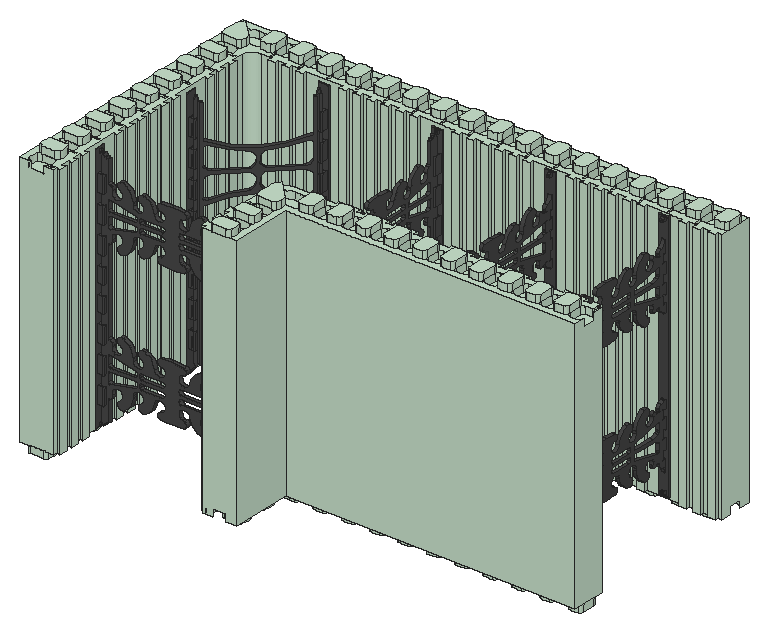
Revit family "ICF- NUDURA 10-inch- 90 Degree Form Unit- Imperial", category Generic Models, Revit 2010 (continued)
Definition of nested family "10-inch Insert Web"
  Forms (in)
    Extrusion 2, solid, material "High Density Polystyrene"
      sketch origin (0, 0, 0) x (0, 1, 0) y (0, 0, 1)
        loop
          line (-4.6, 0.50703) -> (-4.6, 0.53811) -> (-4.5, 0.53811) -> (-4.5, 1.99805)
          arc (-4.5, 1.99805) -> (-4.46384, 2.08535) -> (-4.37654, 2.12151) r 0.12346
          arc (-4.37654, 2.12151) -> (-4.22754, 2.23265) -> (-4.21225, 2.41791) r 0.22602
          arc (-4.21225, 2.41791) -> (-3.72909, 2.89529) -> (-3.67178, 2.21849) r 0.375
          arc (-3.67178, 2.21849) -> (-3.82054, 1.85615) -> (-3.45819, 1.70739) r 0.27697
          arc (-3.45819, 1.70739) -> (-2.94561, 2.10506) -> (-2.74922, 2.72338) r 1.09159
          line (-2.74922, 2.72338) -> (-2.74973, 2.88837)
          arc (-2.74973, 2.88837) -> (-2.17617, 3.17809) -> (-2.18865, 2.53563) r 0.375
          arc (-2.18865, 2.53563) -> (-2.3374, 2.17328) -> (-1.97506, 2.02453) r 0.27697
          arc (-1.97506, 2.02453) -> (-1.47568, 2.34989) -> (-1.23882, 2.89683) r 1.0341
          arc (-1.23882, 2.89683) -> (-0.66526, 3.18654) -> (-0.67773, 2.54409) r 0.375
          arc (-0.67773, 2.54409) -> (-0.76612, 2.51631) -> (-0.85703, 2.49851) r 0.83414
          arc (-0.85703, 2.49851) -> (-1.02215, 2.26789) -> (-0.82272, 2.06619) r 0.22
          arc (-0.82272, 2.06619) -> (-0.41308, 2.01232) -> (0, 2.0035) r 3.77741
          arc (0, 2.0035) -> (0.41308, 2.01232) -> (0.82272, 2.06619) r 3.77741
          arc (0.82272, 2.06619) -> (1.02215, 2.26789) -> (0.85703, 2.49851) r 0.22
          arc (0.85703, 2.49851) -> (0.76612, 2.51631) -> (0.67773, 2.54409) r 0.83414
          arc (0.67773, 2.54409) -> (0.66526, 3.18654) -> (1.23882, 2.89683) r 0.375
          arc (1.23882, 2.89683) -> (1.47568, 2.34989) -> (1.97506, 2.02453) r 1.0341
          arc (1.97506, 2.02453) -> (2.3374, 2.17328) -> (2.18865, 2.53563) r 0.27697
          arc (2.18865, 2.53563) -> (2.17617, 3.17809) -> (2.74973, 2.88837) r 0.375
          line (2.74973, 2.88837) -> (2.74922, 2.72338)
          arc (2.74922, 2.72338) -> (2.94561, 2.10506) -> (3.45819, 1.70739) r 1.09159
          arc (3.45819, 1.70739) -> (3.82054, 1.85615) -> (3.67178, 2.21849) r 0.27697
          arc (3.67178, 2.21849) -> (3.72909, 2.89529) -> (4.21225, 2.41791) r 0.375
          arc (4.21225, 2.41791) -> (4.22754, 2.23265) -> (4.37654, 2.12151) r 0.22602
          arc (4.37654, 2.12151) -> (4.46384, 2.08535) -> (4.5, 1.99805) r 0.12346
          line (4.5, 1.99805) -> (4.5, 0.53811) -> (4.6, 0.53811) -> (4.6, 0.50703)
          arc (4.6, 0.50703) -> (4.61433, 0.47244) -> (4.64893, 0.45811) r 0.04893
          line (4.64893, 0.45811) -> (4.77609, 0.45811) -> (4.825, 0.30811)
          arc (4.825, 0.30811) -> (4.875, 0.27811) -> (4.925, 0.30811) r 0.05667
          line (4.925, 0.30811) -> (5, 0.53811) -> (5, 17.20772) -> (4.925, 17.43772)
          arc (4.925, 17.43772) -> (4.875, 17.46772) -> (4.825, 17.43772) r 0.05667
          line (4.825, 17.43772) -> (4.77609, 17.28772) -> (4.64893, 17.28772)
          arc (4.64893, 17.28772) -> (4.61433, 17.27339) -> (4.6, 17.2388) r 0.04893
          line (4.6, 17.2388) -> (4.6, 17.20772) -> (4.5, 17.20772) -> (4.5, 15.74778)
          arc (4.5, 15.74778) -> (4.46384, 15.66048) -> (4.37654, 15.62433) r 0.12346
          arc (4.37654, 15.62433) -> (4.22754, 15.51319) -> (4.21225, 15.32793) r 0.22602
          arc (4.21225, 15.32793) -> (3.72909, 14.85054) -> (3.67178, 15.52734) r 0.375
          arc (3.67178, 15.52734) -> (3.82054, 15.88969) -> (3.45819, 16.03844) r 0.27697
          arc (3.45819, 16.03844) -> (2.94561, 15.64077) -> (2.74922, 15.02245) r 1.09159
          line (2.74922, 15.02245) -> (2.74973, 14.85746)
          arc (2.74973, 14.85746) -> (2.17617, 14.56774) -> (2.18865, 15.2102) r 0.375
          arc (2.18865, 15.2102) -> (2.3374, 15.57255) -> (1.97506, 15.7213) r 0.27697
          arc (1.97506, 15.7213) -> (1.47568, 15.39594) -> (1.23882, 14.84901) r 1.0341
          arc (1.23882, 14.84901) -> (0.66526, 14.55929) -> (0.67773, 15.20175) r 0.375
          arc (0.67773, 15.20175) -> (0.76612, 15.22952) -> (0.85703, 15.24732) r 0.83414
          arc (0.85703, 15.24732) -> (1.02215, 15.47795) -> (0.82272, 15.67964) r 0.22
          arc (0.82272, 15.67964) -> (0.41308, 15.73351) -> (0, 15.74233) r 3.77741
          arc (0, 15.74233) -> (-0.41308, 15.73351) -> (-0.82272, 15.67964) r 3.77741
          arc (-0.82272, 15.67964) -> (-1.02215, 15.47795) -> (-0.85703, 15.24732) r 0.22
          arc (-0.85703, 15.24732) -> (-0.76612, 15.22952) -> (-0.67773, 15.20175) r 0.83414
          arc (-0.67773, 15.20175) -> (-0.66526, 14.55929) -> (-1.23882, 14.84901) r 0.375
          arc (-1.23882, 14.84901) -> (-1.47568, 15.39594) -> (-1.97506, 15.7213) r 1.0341
          arc (-1.97506, 15.7213) -> (-2.3374, 15.57255) -> (-2.18865, 15.2102) r 0.27697
          arc (-2.18865, 15.2102) -> (-2.17617, 14.56774) -> (-2.74973, 14.85746) r 0.375
          line (-2.74973, 14.85746) -> (-2.74922, 15.02245)
          arc (-2.74922, 15.02245) -> (-2.94561, 15.64077) -> (-3.45819, 16.03844) r 1.09159
          arc (-3.45819, 16.03844) -> (-3.82054, 15.88969) -> (-3.67178, 15.52734) r 0.27697
          arc (-3.67178, 15.52734) -> (-3.72909, 14.85054) -> (-4.21225, 15.32793) r 0.375
          arc (-4.21225, 15.32793) -> (-4.22754, 15.51319) -> (-4.37654, 15.62433) r 0.22602
          arc (-4.37654, 15.62433) -> (-4.46384, 15.66048) -> (-4.5, 15.74778) r 0.12346
          line (-4.5, 15.74778) -> (-4.5, 17.20772)
        loop
          line (-4.5, 11.8098) -> (-4.5, 5.93603)
          arc (-4.5, 5.93603) -> (-4.46384, 5.84874) -> (-4.37654, 5.81258) r 0.12346
          arc (-4.37654, 5.81258) -> (-4.22754, 5.70144) -> (-4.21225, 5.51618) r 0.22602
          arc (-4.21225, 5.51618) -> (-3.72909, 5.0388) -> (-3.67178, 5.71559) r 0.375
          arc (-3.67178, 5.71559) -> (-3.82054, 6.07794) -> (-3.45819, 6.2267) r 0.27697
          arc (-3.45819, 6.2267) -> (-2.94561, 5.82902) -> (-2.74922, 5.2107) r 1.09159
          line (-2.74922, 5.2107) -> (-2.74973, 5.04572)
          arc (-2.74973, 5.04572) -> (-2.17617, 4.756) -> (-2.18865, 5.39846) r 0.375
          arc (-2.18865, 5.39846) -> (-2.3374, 5.7608) -> (-1.97506, 5.90956) r 0.27697
          arc (-1.97506, 5.90956) -> (-1.47568, 5.58419) -> (-1.23882, 5.03726) r 1.0341
          arc (-1.23882, 5.03726) -> (-0.66526, 4.74754) -> (-0.67773, 5.39) r 0.375
          arc (-0.67773, 5.39) -> (-0.76612, 5.41777) -> (-0.85703, 5.43557) r 0.83414
          arc (-0.85703, 5.43557) -> (-1.02215, 5.6662) -> (-0.82272, 5.86789) r 0.22
          arc (-0.82272, 5.86789) -> (-0.41308, 5.92177) -> (0, 5.93058) r 3.77741
          arc (0, 5.93058) -> (0.41308, 5.92177) -> (0.82272, 5.86789) r 3.77741
          arc (0.82272, 5.86789) -> (1.02215, 5.6662) -> (0.85703, 5.43557) r 0.22
          arc (0.85703, 5.43557) -> (0.76612, 5.41777) -> (0.67773, 5.39) r 0.83414
          arc (0.67773, 5.39) -> (0.66526, 4.74754) -> (1.23882, 5.03726) r 0.375
          arc (1.23882, 5.03726) -> (1.47568, 5.58419) -> (1.97506, 5.90956) r 1.0341
          arc (1.97506, 5.90956) -> (2.3374, 5.7608) -> (2.18865, 5.39846) r 0.27697
          arc (2.18865, 5.39846) -> (2.17617, 4.756) -> (2.74973, 5.04572) r 0.375
          line (2.74973, 5.04572) -> (2.74922, 5.2107)
          arc (2.74922, 5.2107) -> (2.94561, 5.82902) -> (3.45819, 6.2267) r 1.09159
          arc (3.45819, 6.2267) -> (3.82054, 6.07794) -> (3.67178, 5.71559) r 0.27697
          arc (3.67178, 5.71559) -> (3.72909, 5.0388) -> (4.21225, 5.51618) r 0.375
          arc (4.21225, 5.51618) -> (4.22754, 5.70144) -> (4.37654, 5.81258) r 0.22602
          arc (4.37654, 5.81258) -> (4.46384, 5.84874) -> (4.5, 5.93603) r 0.12346
          line (4.5, 5.93603) -> (4.5, 11.8098)
          arc (4.5, 11.8098) -> (4.46384, 11.89709) -> (4.37654, 11.93325) r 0.12346
          arc (4.37654, 11.93325) -> (4.22754, 12.04439) -> (4.21225, 12.22965) r 0.22602
          arc (4.21225, 12.22965) -> (3.72909, 12.70704) -> (3.67178, 12.03024) r 0.375
          arc (3.67178, 12.03024) -> (3.82054, 11.66789) -> (3.45819, 11.51914) r 0.27697
          arc (3.45819, 11.51914) -> (2.94561, 11.91681) -> (2.74922, 12.53513) r 1.09159
          line (2.74922, 12.53513) -> (2.74973, 12.70012)
          arc (2.74973, 12.70012) -> (2.17617, 12.98983) -> (2.18865, 12.34738) r 0.375
          arc (2.18865, 12.34738) -> (2.3374, 11.98503) -> (1.97506, 11.83627) r 0.27697
          arc (1.97506, 11.83627) -> (1.47568, 12.16164) -> (1.23882, 12.70857) r 1.0341
          arc (1.23882, 12.70857) -> (0.66526, 12.99829) -> (0.67773, 12.35583) r 0.375
          arc (0.67773, 12.35583) -> (0.76612, 12.32806) -> (0.85703, 12.31026) r 0.83414
          arc (0.85703, 12.31026) -> (1.02215, 12.07963) -> (0.82272, 11.87794) r 0.22
          arc (0.82272, 11.87794) -> (0.41308, 11.82406) -> (0, 11.81525) r 3.77741
          arc (0, 11.81525) -> (-0.41308, 11.82406) -> (-0.82272, 11.87794) r 3.77741
          arc (-0.82272, 11.87794) -> (-1.02215, 12.07963) -> (-0.85703, 12.31026) r 0.22
          arc (-0.85703, 12.31026) -> (-0.76612, 12.32806) -> (-0.67773, 12.35583) r 0.83414
          arc (-0.67773, 12.35583) -> (-0.66526, 12.99829) -> (-1.23882, 12.70857) r 0.375
          arc (-1.23882, 12.70857) -> (-1.47568, 12.16164) -> (-1.97506, 11.83627) r 1.0341
          arc (-1.97506, 11.83627) -> (-2.3374, 11.98503) -> (-2.18865, 12.34738) r 0.27697
          arc (-2.18865, 12.34738) -> (-2.17617, 12.98983) -> (-2.74973, 12.70012) r 0.375
          line (-2.74973, 12.70012) -> (-2.74922, 12.53513)
          arc (-2.74922, 12.53513) -> (-2.94561, 11.91681) -> (-3.45819, 11.51914) r 1.09159
          arc (-3.45819, 11.51914) -> (-3.82054, 11.66789) -> (-3.67178, 12.03024) r 0.27697
          arc (-3.67178, 12.03024) -> (-3.72909, 12.70704) -> (-4.21225, 12.22965) r 0.375
          arc (-4.21225, 12.22965) -> (-4.22754, 12.04439) -> (-4.37654, 11.93325) r 0.22602
          arc (-4.37654, 11.93325) -> (-4.46384, 11.89709) -> (-4.5, 11.8098) r 0.12346
        loop
          arc (-4.33112, 14.73097) -> (-4.45054, 14.68151) -> (-4.5, 14.56209) r 0.16888
          line (-4.5, 14.56209) -> (-4.5, 14.04372)
          arc (-4.5, 14.04372) -> (-4.44996, 13.92293) -> (-4.32917, 13.87289) r 0.17083
          line (-4.32917, 13.87289) -> (-2.57764, 13.87289)
          arc (-2.57764, 13.87289) -> (-2.48926, 13.9095) -> (-2.45264, 13.99789) r 0.125
          line (-2.45264, 13.99789) -> (-2.45264, 14.21018)
          arc (-2.45264, 14.21018) -> (-2.48008, 14.28832) -> (-2.55033, 14.33216) r 0.125
          line (-2.55033, 14.33216) -> (-4.33112, 14.73097)
        loop
          line (-2.26514, 14.18276) -> (-2.26514, 13.99876)
          arc (-2.26514, 13.99876) -> (-2.22853, 13.91037) -> (-2.14014, 13.87376) r 0.125
          line (-2.14014, 13.87376) -> (-0.70065, 13.87376)
          arc (-0.70065, 13.87376) -> (-0.48365, 14.09076) -> (-0.70065, 14.30776) r 0.217
          line (-0.70065, 14.30776) -> (-2.14014, 14.30776)
          arc (-2.14014, 14.30776) -> (-2.22853, 14.27115) -> (-2.26514, 14.18276) r 0.125
        loop
          line (-4.33112, 12.82661) -> (-2.55033, 13.22542)
          arc (-2.55033, 13.22542) -> (-2.48008, 13.26926) -> (-2.45264, 13.3474) r 0.125
          line (-2.45264, 13.3474) -> (-2.45264, 13.55969)
          arc (-2.45264, 13.55969) -> (-2.48926, 13.64807) -> (-2.57764, 13.68469) r 0.125
          line (-2.57764, 13.68469) -> (-4.32917, 13.68469)
          arc (-4.32917, 13.68469) -> (-4.44996, 13.63465) -> (-4.5, 13.51386) r 0.17083
          line (-4.5, 13.51386) -> (-4.5, 12.99549)
          arc (-4.5, 12.99549) -> (-4.45054, 12.87607) -> (-4.33112, 12.82661) r 0.16888
        loop
          arc (-2.26514, 13.37482) -> (-2.22853, 13.28643) -> (-2.14014, 13.24982) r 0.125
          line (-2.14014, 13.24982) -> (-0.70065, 13.24982)
          arc (-0.70065, 13.24982) -> (-0.48365, 13.46682) -> (-0.70065, 13.68382) r 0.217
          line (-0.70065, 13.68382) -> (-2.14014, 13.68382)
          arc (-2.14014, 13.68382) -> (-2.22853, 13.64721) -> (-2.26514, 13.55882) r 0.125
          line (-2.26514, 13.55882) -> (-2.26514, 13.37482)
        loop
          arc (5.12543, 17.57204) -> (5.11414, 17.56103) -> (5.11, 17.54582) r 0.03
          line (5.11, 17.54582) -> (5.11, 17.42461)
          arc (5.11, 17.42461) -> (5.11625, 17.41008) -> (5.13111, 17.40464) r 0.02
          line (5.13111, 17.40464) -> (5.18889, 17.40785)
          arc (5.18889, 17.40785) -> (5.20374, 17.40241) -> (5.21, 17.38789) r 0.02
          line (5.21, 17.38789) -> (5.21, 17.63668)
          arc (5.21, 17.63668) -> (5.20585, 17.62147) -> (5.19457, 17.61045) r 0.03
          line (5.19457, 17.61045) -> (5.12543, 17.57204)
        loop
          line (4.33112, 14.73097) -> (2.55033, 14.33216)
          arc (2.55033, 14.33216) -> (2.48008, 14.28832) -> (2.45264, 14.21018) r 0.125
          line (2.45264, 14.21018) -> (2.45264, 13.99789)
          arc (2.45264, 13.99789) -> (2.48926, 13.9095) -> (2.57764, 13.87289) r 0.125
          line (2.57764, 13.87289) -> (4.32917, 13.87289)
          arc (4.32917, 13.87289) -> (4.44996, 13.92293) -> (4.5, 14.04372) r 0.17083
          line (4.5, 14.04372) -> (4.5, 14.56209)
          arc (4.5, 14.56209) -> (4.45054, 14.68151) -> (4.33112, 14.73097) r 0.16888
        loop
          arc (2.26514, 14.18276) -> (2.22853, 14.27115) -> (2.14014, 14.30776) r 0.125
          line (2.14014, 14.30776) -> (0.70065, 14.30776)
          arc (0.70065, 14.30776) -> (0.48365, 14.09076) -> (0.70065, 13.87376) r 0.217
          line (0.70065, 13.87376) -> (2.14014, 13.87376)
          arc (2.14014, 13.87376) -> (2.22853, 13.91037) -> (2.26514, 13.99876) r 0.125
          line (2.26514, 13.99876) -> (2.26514, 14.18276)
        loop
          arc (4.33112, 12.82661) -> (4.45054, 12.87607) -> (4.5, 12.99549) r 0.16888
          line (4.5, 12.99549) -> (4.5, 13.51386)
          arc (4.5, 13.51386) -> (4.44996, 13.63465) -> (4.32917, 13.68469) r 0.17083
          line (4.32917, 13.68469) -> (2.57764, 13.68469)
          arc (2.57764, 13.68469) -> (2.48926, 13.64807) -> (2.45264, 13.55969) r 0.125
          line (2.45264, 13.55969) -> (2.45264, 13.3474)
          arc (2.45264, 13.3474) -> (2.48008, 13.26926) -> (2.55033, 13.22542) r 0.125
          line (2.55033, 13.22542) -> (4.33112, 12.82661)
        loop
          line (2.26514, 13.37482) -> (2.26514, 13.55882)
          arc (2.26514, 13.55882) -> (2.22853, 13.64721) -> (2.14014, 13.68382) r 0.125
          line (2.14014, 13.68382) -> (0.70065, 13.68382)
          arc (0.70065, 13.68382) -> (0.48365, 13.46682) -> (0.70065, 13.24982) r 0.217
          line (0.70065, 13.24982) -> (2.14014, 13.24982)
          arc (2.14014, 13.24982) -> (2.22853, 13.28643) -> (2.26514, 13.37482) r 0.125
        loop
          arc (-5.12543, 0.17379) -> (-5.11414, 0.1848) -> (-5.11, 0.20001) r 0.03
          line (-5.11, 0.20001) -> (-5.11, 0.32122)
          arc (-5.11, 0.32122) -> (-5.11625, 0.33575) -> (-5.13111, 0.34119) r 0.02
          line (-5.13111, 0.34119) -> (-5.18889, 0.33798)
          arc (-5.18889, 0.33798) -> (-5.20374, 0.34342) -> (-5.21, 0.35795) r 0.02
          line (-5.21, 0.35795) -> (-5.21, 0.10915)
          arc (-5.21, 0.10915) -> (-5.20585, 0.12437) -> (-5.19457, 0.13538) r 0.03
          line (-5.19457, 0.13538) -> (-5.12543, 0.17379)
        loop
          line (-4.33112, 3.01486) -> (-2.55033, 3.41367)
          arc (-2.55033, 3.41367) -> (-2.48008, 3.45752) -> (-2.45264, 3.53565) r 0.125
          line (-2.45264, 3.53565) -> (-2.45264, 3.74794)
          arc (-2.45264, 3.74794) -> (-2.48926, 3.83633) -> (-2.57764, 3.87294) r 0.125
          line (-2.57764, 3.87294) -> (-4.32917, 3.87294)
          arc (-4.32917, 3.87294) -> (-4.44996, 3.8229) -> (-4.5, 3.70211) r 0.17083
          line (-4.5, 3.70211) -> (-4.5, 3.18374)
          arc (-4.5, 3.18374) -> (-4.45054, 3.06432) -> (-4.33112, 3.01486) r 0.16888
        loop
          arc (-2.26514, 3.56307) -> (-2.22853, 3.47469) -> (-2.14014, 3.43807) r 0.125
          line (-2.14014, 3.43807) -> (-0.70065, 3.43807)
          arc (-0.70065, 3.43807) -> (-0.48365, 3.65507) -> (-0.70065, 3.87207) r 0.217
          line (-0.70065, 3.87207) -> (-2.14014, 3.87207)
          arc (-2.14014, 3.87207) -> (-2.22853, 3.83546) -> (-2.26514, 3.74707) r 0.125
          line (-2.26514, 3.74707) -> (-2.26514, 3.56307)
        loop
          arc (-4.33112, 4.91923) -> (-4.45054, 4.86976) -> (-4.5, 4.75034) r 0.16888
          line (-4.5, 4.75034) -> (-4.5, 4.23198)
          arc (-4.5, 4.23198) -> (-4.44996, 4.11118) -> (-4.32917, 4.06115) r 0.17083
          line (-4.32917, 4.06115) -> (-2.57764, 4.06115)
          arc (-2.57764, 4.06115) -> (-2.48926, 4.09776) -> (-2.45264, 4.18615) r 0.125
          line (-2.45264, 4.18615) -> (-2.45264, 4.39843)
          arc (-2.45264, 4.39843) -> (-2.48008, 4.47657) -> (-2.55033, 4.52041) r 0.125
          line (-2.55033, 4.52041) -> (-4.33112, 4.91923)
        loop
          line (-2.26514, 4.37101) -> (-2.26514, 4.18701)
          arc (-2.26514, 4.18701) -> (-2.22853, 4.09863) -> (-2.14014, 4.06201) r 0.125
          line (-2.14014, 4.06201) -> (-0.70065, 4.06201)
          arc (-0.70065, 4.06201) -> (-0.48365, 4.27901) -> (-0.70065, 4.49601) r 0.217
          line (-0.70065, 4.49601) -> (-2.14014, 4.49601)
          arc (-2.14014, 4.49601) -> (-2.22853, 4.4594) -> (-2.26514, 4.37101) r 0.125
        loop
          line (5.12543, 0.17379) -> (5.19457, 0.13538)
          arc (5.19457, 0.13538) -> (5.20585, 0.12437) -> (5.21, 0.10915) r 0.03
          line (5.21, 0.10915) -> (5.21, 0.35795)
          arc (5.21, 0.35795) -> (5.20374, 0.34342) -> (5.18889, 0.33798) r 0.02
          line (5.18889, 0.33798) -> (5.13111, 0.34119)
          arc (5.13111, 0.34119) -> (5.11625, 0.33575) -> (5.11, 0.32122) r 0.02
          line (5.11, 0.32122) -> (5.11, 0.20001)
          arc (5.11, 0.20001) -> (5.11414, 0.1848) -> (5.12543, 0.17379) r 0.03
        loop
          arc (4.33112, 3.01486) -> (4.45054, 3.06432) -> (4.5, 3.18374) r 0.16888
          line (4.5, 3.18374) -> (4.5, 3.70211)
          arc (4.5, 3.70211) -> (4.44996, 3.8229) -> (4.32917, 3.87294) r 0.17083
          line (4.32917, 3.87294) -> (2.57764, 3.87294)
          arc (2.57764, 3.87294) -> (2.48926, 3.83633) -> (2.45264, 3.74794) r 0.125
          line (2.45264, 3.74794) -> (2.45264, 3.53565)
          arc (2.45264, 3.53565) -> (2.48008, 3.45752) -> (2.55033, 3.41367) r 0.125
          line (2.55033, 3.41367) -> (4.33112, 3.01486)
        loop
          line (2.26514, 3.56307) -> (2.26514, 3.74707)
          arc (2.26514, 3.74707) -> (2.22853, 3.83546) -> (2.14014, 3.87207) r 0.125
          line (2.14014, 3.87207) -> (0.70065, 3.87207)
          arc (0.70065, 3.87207) -> (0.48365, 3.65507) -> (0.70065, 3.43807) r 0.217
          line (0.70065, 3.43807) -> (2.14014, 3.43807)
          arc (2.14014, 3.43807) -> (2.22853, 3.47469) -> (2.26514, 3.56307) r 0.125
        loop
          line (4.33112, 4.91923) -> (2.55033, 4.52041)
          arc (2.55033, 4.52041) -> (2.48008, 4.47657) -> (2.45264, 4.39843) r 0.125
          line (2.45264, 4.39843) -> (2.45264, 4.18615)
          arc (2.45264, 4.18615) -> (2.48926, 4.09776) -> (2.57764, 4.06115) r 0.125
          line (2.57764, 4.06115) -> (4.32917, 4.06115)
          arc (4.32917, 4.06115) -> (4.44996, 4.11118) -> (4.5, 4.23198) r 0.17083
          line (4.5, 4.23198) -> (4.5, 4.75034)
          arc (4.5, 4.75034) -> (4.45054, 4.86976) -> (4.33112, 4.91923) r 0.16888
        loop
          arc (2.26514, 4.37101) -> (2.22853, 4.4594) -> (2.14014, 4.49601) r 0.125
          line (2.14014, 4.49601) -> (0.70065, 4.49601)
          arc (0.70065, 4.49601) -> (0.48365, 4.27901) -> (0.70065, 4.06201) r 0.217
          line (0.70065, 4.06201) -> (2.14014, 4.06201)
          arc (2.14014, 4.06201) -> (2.22853, 4.09863) -> (2.26514, 4.18701) r 0.125
          line (2.26514, 4.18701) -> (2.26514, 4.37101)
      from 0.125 to -0.125
    Extrusion 3, solid, material "High Density Polystyrene"
      sketch origin (0, 0, 0) x (0, 1, 0) y (0, 0, 1)
        loop
          line (5.21, 16.17792) -> (4.71, 16.17792) -> (4.71, 14.97792) -> (5.21, 14.97792) -> (5.21, 16.17792)
        loop
          line (5.21, 14.22792) -> (4.71, 14.22792) -> (4.71, 13.02792) -> (5.21, 13.02792) -> (5.21, 14.22792)
        loop
          line (5.21, 12.27792) -> (4.71, 12.27792) -> (4.71, 11.07792) -> (5.21, 11.07792) -> (5.21, 12.27792)
        loop
          line (5.21, 10.32792) -> (4.71, 10.32792) -> (4.71, 9.24792) -> (5.21, 9.24792) -> (5.21, 10.32792)
        loop
          line (5.21, 8.49792) -> (4.71, 8.49792) -> (4.71, 7.41792) -> (5.21, 7.41792) -> (5.21, 8.49792)
        loop
          line (5.21, 6.66792) -> (4.71, 6.66792) -> (4.71, 5.46792) -> (5.21, 5.46792) -> (5.21, 6.66792)
        loop
          line (5.21, 4.71792) -> (4.71, 4.71792) -> (4.71, 3.51792) -> (5.21, 3.51792) -> (5.21, 4.71792)
        loop
          line (5.21, 2.76792) -> (4.71, 2.76792) -> (4.71, 1.56792) -> (5.21, 1.56792) -> (5.21, 2.76792)
        loop
          line (-5.21, 16.17792) -> (-5.21, 14.97792) -> (-4.71, 14.97792) -> (-4.71, 16.17792) -> (-5.21, 16.17792)
        loop
          line (-5.21, 14.22792) -> (-5.21, 13.02792) -> (-4.71, 13.02792) -> (-4.71, 14.22792) -> (-5.21, 14.22792)
        loop
          line (-5.21, 12.27792) -> (-5.21, 11.07792) -> (-4.71, 11.07792) -> (-4.71, 12.27792) -> (-5.21, 12.27792)
        loop
          line (-5.21, 10.32792) -> (-5.21, 9.24792) -> (-4.71, 9.24792) -> (-4.71, 10.32792) -> (-5.21, 10.32792)
        loop
          line (-5.21, 8.49792) -> (-5.21, 7.41792) -> (-4.71, 7.41792) -> (-4.71, 8.49792) -> (-5.21, 8.49792)
        loop
          line (-5.21, 6.66792) -> (-5.21, 5.46792) -> (-4.71, 5.46792) -> (-4.71, 6.66792) -> (-5.21, 6.66792)
        loop
          line (-5.21, 4.71792) -> (-5.21, 3.51792) -> (-4.71, 3.51792) -> (-4.71, 4.71792) -> (-5.21, 4.71792)
        loop
          line (-5.21, 2.76792) -> (-5.21, 1.56792) -> (-4.71, 1.56792) -> (-4.71, 2.76792) -> (-5.21, 2.76792)
      from 0.25 to -0.25
    Extrusion 4, void
      sketch origin (0, 2, 0) x (1, 0, 0) y (0, 1, 0)
        loop
          line (-0.25, 2.79249) -> (-0.25, 2.71) -> (-0.1675, 2.71)
          arc (-0.1675, 2.71) -> (-0.22584, 2.73416) -> (-0.25, 2.79249) r 0.0825
      from 0 to 18
    Extrusion 5, void
      sketch origin (0, 2, 0) x (-1, 0, 0) y (0, -1, 0)
        loop
          arc (-0.25, -2.79249) -> (-0.22584, -2.73416) -> (-0.1675, -2.71) r 0.0825
          line (-0.1675, -2.71) -> (-0.25, -2.71) -> (-0.25, -2.79249)
      from 0 to 18
    Extrusion 6, void
      sketch origin (0, -2, 0) x (1, 0, 0) y (0, 1, 0)
        loop
          arc (-0.25, -2.79249) -> (-0.22584, -2.73416) -> (-0.1675, -2.71) r 0.0825
          line (-0.1675, -2.71) -> (-0.25, -2.71) -> (-0.25, -2.79249)
      from 0 to 18
    Extrusion 7, void
      sketch origin (0, -2, 0) x (-1, 0, 0) y (0, -1, 0)
        loop
          line (-0.25, 2.79249) -> (-0.25, 2.71) -> (-0.1675, 2.71)
          arc (-0.1675, 2.71) -> (-0.22584, 2.73416) -> (-0.25, 2.79249) r 0.0825
      from 0 to 18
  Cuts and joins
    Extrusion 4, Extrusion 5, Extrusion 6, Extrusion 7 cuts Extrusion 1
    Extrusion 4, Extrusion 5, Extrusion 6, Extrusion 7 cuts Extrusion 3
Definition of nested family "10-inch Web"
  Reference planes (in)
    plane 1 "Center (Front/Back)": y = 0
    plane 2: z = 0
    plane 3 "Center (Left/Right)": x = 0
  Forms (in)
    Extrusion 1, solid, material "Polypropylene"
      sketch origin (0, 0, -0.5) x (0, 1, 0) y (0, 0, 1)
        loop
          arc (5.185, 0.98503) -> (5.17874, 0.9705) -> (5.16389, 0.96506) r 0.02
          line (5.16389, 0.96506) -> (5.00611, 0.97383)
          arc (5.00611, 0.97383) -> (4.99126, 0.96839) -> (4.985, 0.95386) r 0.02
          line (4.985, 0.95386) -> (4.985, 0.88265)
          arc (4.985, 0.88265) -> (4.98914, 0.86744) -> (5.00043, 0.85643) r 0.03
          line (5.00043, 0.85643) -> (5.16957, 0.76246)
          arc (5.16957, 0.76246) -> (5.18086, 0.75145) -> (5.185, 0.73624) r 0.03
          line (5.185, 0.73624) -> (5.185, 0.98503)
        loop
          line (-5.185, 0.98503) -> (-5.185, 0.73624)
          arc (-5.185, 0.73624) -> (-5.18086, 0.75145) -> (-5.16957, 0.76246) r 0.03
          line (-5.16957, 0.76246) -> (-5.00043, 0.85643)
          arc (-5.00043, 0.85643) -> (-4.98914, 0.86744) -> (-4.985, 0.88265) r 0.03
          line (-4.985, 0.88265) -> (-4.985, 0.95386)
          arc (-4.985, 0.95386) -> (-4.99126, 0.96839) -> (-5.00611, 0.97383) r 0.02
          line (-5.00611, 0.97383) -> (-5.16389, 0.96506)
          arc (-5.16389, 0.96506) -> (-5.17874, 0.9705) -> (-5.185, 0.98503) r 0.02
        loop
          line (4.959, 15.45384) -> (4.959, 15.95381) -> (4.854, 15.95381) -> (4.854, 16.02384) -> (5.0915, 16.02384)
          arc (5.0915, 16.02384) -> (5.1357, 16.00553) -> (5.154, 15.96134) r 0.0625
          line (5.154, 15.96134) -> (5.154, 16.86095)
          arc (5.154, 16.86095) -> (5.06225, 16.57227) -> (4.82067, 16.38954) r 0.5
          arc (4.82067, 16.38954) -> (4.69988, 16.29818) -> (4.654, 16.15384) r 0.25
          line (4.654, 16.15384) -> (4.654, 16.08634)
          arc (4.654, 16.08634) -> (4.67231, 16.04214) -> (4.7165, 16.02384) r 0.0625
          line (4.7165, 16.02384) -> (4.764, 16.02384) -> (4.764, 15.95381) -> (4.65846, 15.95381)
          arc (4.65846, 15.95381) -> (4.46242, 15.98802) -> (4.30133, 16.10487) r 0.44133
          arc (4.30133, 16.10487) -> (4.13092, 16.12201) -> (4.10336, 15.95298) r 0.125
          arc (4.10336, 15.95298) -> (3.6202, 15.47559) -> (3.56289, 16.15239) r 0.375
          arc (3.56289, 16.15239) -> (3.71165, 16.51474) -> (3.34931, 16.66349) r 0.27697
          arc (3.34931, 16.66349) -> (2.83672, 16.26582) -> (2.64033, 15.6475) r 1.09159
          line (2.64033, 15.6475) -> (2.64084, 15.48251)
          arc (2.64084, 15.48251) -> (2.06728, 15.19279) -> (2.07976, 15.83525) r 0.375
          arc (2.07976, 15.83525) -> (2.22851, 16.1976) -> (1.86617, 16.34635) r 0.27697
          arc (1.86617, 16.34635) -> (1.36679, 16.02099) -> (1.12993, 15.47406) r 1.0341
          arc (1.12993, 15.47406) -> (0.55637, 15.18434) -> (0.56885, 15.8268) r 0.375
          arc (0.56885, 15.8268) -> (0.65723, 15.85457) -> (0.74814, 15.87237) r 0.83414
          arc (0.74814, 15.87237) -> (0.91326, 16.103) -> (0.71383, 16.30469) r 0.22
          arc (0.71383, 16.30469) -> (0.35845, 16.35404) -> (0, 16.36944) r 3.77741
          arc (0, 16.36944) -> (-0.35845, 16.35404) -> (-0.71383, 16.30469) r 3.77741
          arc (-0.71383, 16.30469) -> (-0.91326, 16.103) -> (-0.74814, 15.87237) r 0.22
          arc (-0.74814, 15.87237) -> (-0.65723, 15.85457) -> (-0.56885, 15.8268) r 0.83414
          arc (-0.56885, 15.8268) -> (-0.55637, 15.18434) -> (-1.12993, 15.47406) r 0.375
          arc (-1.12993, 15.47406) -> (-1.36679, 16.02099) -> (-1.86617, 16.34635) r 1.0341
          arc (-1.86617, 16.34635) -> (-2.22851, 16.1976) -> (-2.07976, 15.83525) r 0.27697
          arc (-2.07976, 15.83525) -> (-2.06728, 15.19279) -> (-2.64084, 15.48251) r 0.375
          line (-2.64084, 15.48251) -> (-2.64033, 15.6475)
          arc (-2.64033, 15.6475) -> (-2.83672, 16.26582) -> (-3.34931, 16.66349) r 1.09159
          arc (-3.34931, 16.66349) -> (-3.71165, 16.51474) -> (-3.56289, 16.15239) r 0.27697
          arc (-3.56289, 16.15239) -> (-3.6202, 15.47559) -> (-4.10336, 15.95298) r 0.375
          arc (-4.10336, 15.95298) -> (-4.13092, 16.12201) -> (-4.30133, 16.10487) r 0.125
          arc (-4.30133, 16.10487) -> (-4.46242, 15.98802) -> (-4.65846, 15.95381) r 0.44133
          line (-4.65846, 15.95381) -> (-4.764, 15.95381) -> (-4.764, 16.02384) -> (-4.7165, 16.02384)
          arc (-4.7165, 16.02384) -> (-4.67231, 16.04214) -> (-4.654, 16.08634) r 0.0625
          line (-4.654, 16.08634) -> (-4.654, 16.15384)
          arc (-4.654, 16.15384) -> (-4.69988, 16.29818) -> (-4.82067, 16.38954) r 0.25
          arc (-4.82067, 16.38954) -> (-5.06225, 16.57227) -> (-5.154, 16.86095) r 0.5
          line (-5.154, 16.86095) -> (-5.154, 15.96134)
          arc (-5.154, 15.96134) -> (-5.1357, 16.00553) -> (-5.0915, 16.02384) r 0.0625
          line (-5.0915, 16.02384) -> (-4.854, 16.02384) -> (-4.854, 15.95381) -> (-4.959, 15.95381) -> (-4.959, 15.45384) -> (-4.854, 15.45384) -> (-4.854, 15.38384) -> (-5.1225, 15.38384)
          arc (-5.1225, 15.38384) -> (-5.16669, 15.40214) -> (-5.185, 15.44634) r 0.0625
          line (-5.185, 15.44634) -> (-5.185, 14.66134)
          arc (-5.185, 14.66134) -> (-5.16669, 14.70553) -> (-5.1225, 14.72384) r 0.0625
          line (-5.1225, 14.72384) -> (-4.854, 14.72384) -> (-4.854, 14.65384) -> (-4.959, 14.65384) -> (-4.959, 14.15384) -> (-4.854, 14.15384) -> (-4.854, 14.08384) -> (-5.1225, 14.08384)
          arc (-5.1225, 14.08384) -> (-5.16669, 14.10214) -> (-5.185, 14.14634) r 0.0625
          line (-5.185, 14.14634) -> (-5.185, 13.36134)
          arc (-5.185, 13.36134) -> (-5.16669, 13.40553) -> (-5.1225, 13.42384) r 0.0625
          line (-5.1225, 13.42384) -> (-4.854, 13.42384) -> (-4.854, 13.35384) -> (-4.959, 13.35384) -> (-4.959, 12.85387) -> (-4.854, 12.85387) -> (-4.854, 12.78384) -> (-5.1225, 12.78384)
          arc (-5.1225, 12.78384) -> (-5.16669, 12.80214) -> (-5.185, 12.84634) r 0.0625
          line (-5.185, 12.84634) -> (-5.185, 12.24673) -> (-5.054, 12.24673)
          arc (-5.054, 12.24673) -> (-4.95001, 12.34969) -> (-4.82067, 12.41814) r 0.5
          arc (-4.82067, 12.41814) -> (-4.69988, 12.5095) -> (-4.654, 12.65384) r 0.25
          line (-4.654, 12.65384) -> (-4.654, 12.72134)
          arc (-4.654, 12.72134) -> (-4.67231, 12.76553) -> (-4.7165, 12.78384) r 0.0625
          line (-4.7165, 12.78384) -> (-4.764, 12.78384) -> (-4.764, 12.85387) -> (-4.65846, 12.85387)
          arc (-4.65846, 12.85387) -> (-4.46242, 12.81966) -> (-4.30133, 12.70281) r 0.44133
          arc (-4.30133, 12.70281) -> (-4.13092, 12.68566) -> (-4.10336, 12.8547) r 0.125
          arc (-4.10336, 12.8547) -> (-3.6202, 13.33209) -> (-3.56289, 12.65529) r 0.375
          arc (-3.56289, 12.65529) -> (-3.71165, 12.29294) -> (-3.34931, 12.14419) r 0.27697
          arc (-3.34931, 12.14419) -> (-2.83672, 12.54186) -> (-2.64033, 13.16018) r 1.09159
          line (-2.64033, 13.16018) -> (-2.64084, 13.32517)
          arc (-2.64084, 13.32517) -> (-2.06728, 13.61488) -> (-2.07976, 12.97243) r 0.375
          arc (-2.07976, 12.97243) -> (-2.22851, 12.61008) -> (-1.86617, 12.46132) r 0.27697
          arc (-1.86617, 12.46132) -> (-1.36679, 12.78669) -> (-1.12993, 13.33362) r 1.0341
          arc (-1.12993, 13.33362) -> (-0.55637, 13.62334) -> (-0.56885, 12.98088) r 0.375
          arc (-0.56885, 12.98088) -> (-0.65723, 12.95311) -> (-0.74814, 12.93531) r 0.83414
          arc (-0.74814, 12.93531) -> (-0.91326, 12.70468) -> (-0.71383, 12.50299) r 0.22
          arc (-0.71383, 12.50299) -> (-0.35845, 12.45364) -> (0, 12.43823) r 3.77741
          arc (0, 12.43823) -> (0.35845, 12.45364) -> (0.71383, 12.50299) r 3.77741
          arc (0.71383, 12.50299) -> (0.91326, 12.70468) -> (0.74814, 12.93531) r 0.22
          arc (0.74814, 12.93531) -> (0.65723, 12.95311) -> (0.56885, 12.98088) r 0.83414
          arc (0.56885, 12.98088) -> (0.55637, 13.62334) -> (1.12993, 13.33362) r 0.375
          arc (1.12993, 13.33362) -> (1.36679, 12.78669) -> (1.86617, 12.46132) r 1.0341
          arc (1.86617, 12.46132) -> (2.22851, 12.61008) -> (2.07976, 12.97243) r 0.27697
          arc (2.07976, 12.97243) -> (2.06728, 13.61488) -> (2.64084, 13.32517) r 0.375
          line (2.64084, 13.32517) -> (2.64033, 13.16018)
          arc (2.64033, 13.16018) -> (2.83672, 12.54186) -> (3.34931, 12.14419) r 1.09159
          arc (3.34931, 12.14419) -> (3.71165, 12.29294) -> (3.56289, 12.65529) r 0.27697
          arc (3.56289, 12.65529) -> (3.6202, 13.33209) -> (4.10336, 12.8547) r 0.375
          arc (4.10336, 12.8547) -> (4.13092, 12.68566) -> (4.30133, 12.70281) r 0.125
          arc (4.30133, 12.70281) -> (4.46242, 12.81966) -> (4.65846, 12.85387) r 0.44133
          line (4.65846, 12.85387) -> (4.764, 12.85387) -> (4.764, 12.78384) -> (4.7165, 12.78384)
          arc (4.7165, 12.78384) -> (4.67231, 12.76553) -> (4.654, 12.72134) r 0.0625
          line (4.654, 12.72134) -> (4.654, 12.65384)
          arc (4.654, 12.65384) -> (4.69988, 12.5095) -> (4.82067, 12.41814) r 0.25
          arc (4.82067, 12.41814) -> (4.95001, 12.34969) -> (5.054, 12.24673) r 0.5
          line (5.054, 12.24673) -> (5.185, 12.24673) -> (5.185, 12.84634)
          arc (5.185, 12.84634) -> (5.16669, 12.80214) -> (5.1225, 12.78384) r 0.0625
          line (5.1225, 12.78384) -> (4.854, 12.78384) -> (4.854, 12.85387) -> (4.959, 12.85387) -> (4.959, 13.35384) -> (4.854, 13.35384) -> (4.854, 13.42384) -> (5.1225, 13.42384)
          arc (5.1225, 13.42384) -> (5.16669, 13.40553) -> (5.185, 13.36134) r 0.0625
          line (5.185, 13.36134) -> (5.185, 14.14634)
          arc (5.185, 14.14634) -> (5.16669, 14.10214) -> (5.1225, 14.08384) r 0.0625
          line (5.1225, 14.08384) -> (4.854, 14.08384) -> (4.854, 14.15384) -> (4.959, 14.15384) -> (4.959, 14.65384) -> (4.854, 14.65384) -> (4.854, 14.72384) -> (5.1225, 14.72384)
          arc (5.1225, 14.72384) -> (5.16669, 14.70553) -> (5.185, 14.66134) r 0.0625
          line (5.185, 14.66134) -> (5.185, 15.44634)
          arc (5.185, 15.44634) -> (5.16669, 15.40214) -> (5.1225, 15.38384) r 0.0625
          line (5.1225, 15.38384) -> (4.854, 15.38384) -> (4.854, 15.45384) -> (4.959, 15.45384)
        loop
          line (4.659, 14.65384) -> (4.764, 14.65384) -> (4.764, 14.72384) -> (4.7165, 14.72384)
          arc (4.7165, 14.72384) -> (4.67231, 14.74214) -> (4.654, 14.78634) r 0.0625
          line (4.654, 14.78634) -> (4.654, 15.32134)
          arc (4.654, 15.32134) -> (4.67231, 15.36553) -> (4.7165, 15.38384) r 0.0625
          line (4.7165, 15.38384) -> (4.764, 15.38384) -> (4.764, 15.45384) -> (4.659, 15.45384) -> (2.44144, 14.95721)
          arc (2.44144, 14.95721) -> (2.37119, 14.91337) -> (2.34376, 14.83523) r 0.125
          line (2.34376, 14.83523) -> (2.34376, 14.62294)
          arc (2.34376, 14.62294) -> (2.38037, 14.53455) -> (2.46876, 14.49794) r 0.125
          line (2.46876, 14.49794) -> (4.10628, 14.49794)
          arc (4.10628, 14.49794) -> (4.33726, 14.5391) -> (4.5554, 14.62551) r 1.17022
          arc (4.5554, 14.62551) -> (4.60543, 14.64613) -> (4.659, 14.65384) r 0.21872
        loop
          line (4.659, 13.35384) -> (4.764, 13.35384) -> (4.764, 13.42384) -> (4.7165, 13.42384)
          arc (4.7165, 13.42384) -> (4.67231, 13.44214) -> (4.654, 13.48634) r 0.0625
          line (4.654, 13.48634) -> (4.654, 14.02134)
          arc (4.654, 14.02134) -> (4.67231, 14.06553) -> (4.7165, 14.08384) r 0.0625
          line (4.7165, 14.08384) -> (4.764, 14.08384) -> (4.764, 14.15384) -> (4.659, 14.15384)
          arc (4.659, 14.15384) -> (4.60543, 14.16155) -> (4.5554, 14.18217) r 0.21872
          arc (4.5554, 14.18217) -> (4.33726, 14.26858) -> (4.10628, 14.30974) r 1.17022
          line (4.10628, 14.30974) -> (2.46876, 14.30974)
          arc (2.46876, 14.30974) -> (2.38037, 14.27312) -> (2.34376, 14.18474) r 0.125
          line (2.34376, 14.18474) -> (2.34376, 13.97245)
          arc (2.34376, 13.97245) -> (2.37119, 13.89431) -> (2.44144, 13.85047) r 0.125
          line (2.44144, 13.85047) -> (4.659, 13.35384)
        loop
          line (5.185, 18.01497) -> (5.185, 18.26376)
          arc (5.185, 18.26376) -> (5.18086, 18.24855) -> (5.16957, 18.23754) r 0.03
          line (5.16957, 18.23754) -> (5.00043, 18.14357)
          arc (5.00043, 18.14357) -> (4.98914, 18.13256) -> (4.985, 18.11735) r 0.03
          line (4.985, 18.11735) -> (4.985, 18.04614)
          arc (4.985, 18.04614) -> (4.99126, 18.03161) -> (5.00611, 18.02617) r 0.02
          line (5.00611, 18.02617) -> (5.16389, 18.03494)
          arc (5.16389, 18.03494) -> (5.17874, 18.0295) -> (5.185, 18.01497) r 0.02
        loop
          arc (-5.185, 18.01497) -> (-5.17874, 18.0295) -> (-5.16389, 18.03494) r 0.02
          line (-5.16389, 18.03494) -> (-5.00611, 18.02617)
          arc (-5.00611, 18.02617) -> (-4.99126, 18.03161) -> (-4.985, 18.04614) r 0.02
          line (-4.985, 18.04614) -> (-4.985, 18.11735)
          arc (-4.985, 18.11735) -> (-4.98914, 18.13256) -> (-5.00043, 18.14357) r 0.03
          line (-5.00043, 18.14357) -> (-5.16957, 18.23754)
          arc (-5.16957, 18.23754) -> (-5.18086, 18.24855) -> (-5.185, 18.26376) r 0.03
          line (-5.185, 18.26376) -> (-5.185, 18.01497)
        loop
          line (2.03126, 14.93281) -> (0.59176, 14.93281)
          arc (0.59176, 14.93281) -> (0.37476, 14.71581) -> (0.59176, 14.49881) r 0.217
          line (0.59176, 14.49881) -> (2.03126, 14.49881)
          arc (2.03126, 14.49881) -> (2.11964, 14.53542) -> (2.15626, 14.62381) r 0.125
          line (2.15626, 14.62381) -> (2.15626, 14.80781)
          arc (2.15626, 14.80781) -> (2.11964, 14.8962) -> (2.03126, 14.93281) r 0.125
        loop
          line (0.59176, 13.87487) -> (2.03126, 13.87487)
          arc (2.03126, 13.87487) -> (2.11964, 13.91148) -> (2.15626, 13.99987) r 0.125
          line (2.15626, 13.99987) -> (2.15626, 14.18387)
          arc (2.15626, 14.18387) -> (2.11964, 14.27226) -> (2.03126, 14.30887) r 0.125
          line (2.03126, 14.30887) -> (0.59176, 14.30887)
          arc (0.59176, 14.30887) -> (0.37476, 14.09187) -> (0.59176, 13.87487) r 0.217
        loop
          arc (-4.659, 14.65384) -> (-4.60543, 14.64613) -> (-4.5554, 14.62551) r 0.21872
          arc (-4.5554, 14.62551) -> (-4.33726, 14.5391) -> (-4.10628, 14.49794) r 1.17022
          line (-4.10628, 14.49794) -> (-2.46876, 14.49794)
          arc (-2.46876, 14.49794) -> (-2.38037, 14.53455) -> (-2.34376, 14.62294) r 0.125
          line (-2.34376, 14.62294) -> (-2.34376, 14.83523)
          arc (-2.34376, 14.83523) -> (-2.37119, 14.91337) -> (-2.44144, 14.95721) r 0.125
          line (-2.44144, 14.95721) -> (-4.659, 15.45384) -> (-4.764, 15.45384) -> (-4.764, 15.38384) -> (-4.7165, 15.38384)
          arc (-4.7165, 15.38384) -> (-4.67231, 15.36553) -> (-4.654, 15.32134) r 0.0625
          line (-4.654, 15.32134) -> (-4.654, 14.78634)
          arc (-4.654, 14.78634) -> (-4.67231, 14.74214) -> (-4.7165, 14.72384) r 0.0625
          line (-4.7165, 14.72384) -> (-4.764, 14.72384) -> (-4.764, 14.65384) -> (-4.659, 14.65384)
        loop
          line (-4.659, 13.35384) -> (-2.44144, 13.85047)
          arc (-2.44144, 13.85047) -> (-2.37119, 13.89431) -> (-2.34376, 13.97245) r 0.125
          line (-2.34376, 13.97245) -> (-2.34376, 14.18474)
          arc (-2.34376, 14.18474) -> (-2.38037, 14.27312) -> (-2.46876, 14.30974) r 0.125
          line (-2.46876, 14.30974) -> (-4.10628, 14.30974)
          arc (-4.10628, 14.30974) -> (-4.33726, 14.26858) -> (-4.5554, 14.18217) r 1.17022
          arc (-4.5554, 14.18217) -> (-4.60543, 14.16155) -> (-4.659, 14.15384) r 0.21872
          line (-4.659, 14.15384) -> (-4.764, 14.15384) -> (-4.764, 14.08384) -> (-4.7165, 14.08384)
          arc (-4.7165, 14.08384) -> (-4.67231, 14.06553) -> (-4.654, 14.02134) r 0.0625
          line (-4.654, 14.02134) -> (-4.654, 13.48634)
          arc (-4.654, 13.48634) -> (-4.67231, 13.44214) -> (-4.7165, 13.42384) r 0.0625
          line (-4.7165, 13.42384) -> (-4.764, 13.42384) -> (-4.764, 13.35384) -> (-4.659, 13.35384)
        loop
          arc (-2.03126, 14.93281) -> (-2.11964, 14.8962) -> (-2.15626, 14.80781) r 0.125
          line (-2.15626, 14.80781) -> (-2.15626, 14.62381)
          arc (-2.15626, 14.62381) -> (-2.11964, 14.53542) -> (-2.03126, 14.49881) r 0.125
          line (-2.03126, 14.49881) -> (-0.59176, 14.49881)
          arc (-0.59176, 14.49881) -> (-0.37476, 14.71581) -> (-0.59176, 14.93281) r 0.217
          line (-0.59176, 14.93281) -> (-2.03126, 14.93281)
        loop
          arc (-0.59176, 13.87487) -> (-0.37476, 14.09187) -> (-0.59176, 14.30887) r 0.217
          line (-0.59176, 14.30887) -> (-2.03126, 14.30887)
          arc (-2.03126, 14.30887) -> (-2.11964, 14.27226) -> (-2.15626, 14.18387) r 0.125
          line (-2.15626, 14.18387) -> (-2.15626, 13.99987)
          arc (-2.15626, 13.99987) -> (-2.11964, 13.91148) -> (-2.03126, 13.87487) r 0.125
          line (-2.03126, 13.87487) -> (-0.59176, 13.87487)
        loop
          line (4.959, 3.54616) -> (4.854, 3.54616) -> (4.854, 3.61616) -> (5.1225, 3.61616)
          arc (5.1225, 3.61616) -> (5.16669, 3.59786) -> (5.185, 3.55366) r 0.0625
          line (5.185, 3.55366) -> (5.185, 4.33866)
          arc (5.185, 4.33866) -> (5.16669, 4.29447) -> (5.1225, 4.27616) r 0.0625
          line (5.1225, 4.27616) -> (4.854, 4.27616) -> (4.854, 4.34616) -> (4.959, 4.34616) -> (4.959, 4.84616) -> (4.854, 4.84616) -> (4.854, 4.91616) -> (5.1225, 4.91616)
          arc (5.1225, 4.91616) -> (5.16669, 4.89786) -> (5.185, 4.85366) r 0.0625
          line (5.185, 4.85366) -> (5.185, 5.63866)
          arc (5.185, 5.63866) -> (5.16669, 5.59447) -> (5.1225, 5.57616) r 0.0625
          line (5.1225, 5.57616) -> (4.854, 5.57616) -> (4.854, 5.64616) -> (4.959, 5.64616) -> (4.959, 6.14613) -> (4.854, 6.14613) -> (4.854, 6.21616) -> (5.1225, 6.21616)
          arc (5.1225, 6.21616) -> (5.16669, 6.19786) -> (5.185, 6.15366) r 0.0625
          line (5.185, 6.15366) -> (5.185, 6.75327) -> (5.054, 6.75327)
          arc (5.054, 6.75327) -> (4.95001, 6.65031) -> (4.82067, 6.58186) r 0.5
          arc (4.82067, 6.58186) -> (4.69988, 6.4905) -> (4.654, 6.34616) r 0.25
          line (4.654, 6.34616) -> (4.654, 6.27866)
          arc (4.654, 6.27866) -> (4.67231, 6.23447) -> (4.7165, 6.21616) r 0.0625
          line (4.7165, 6.21616) -> (4.764, 6.21616) -> (4.764, 6.14613) -> (4.65846, 6.14613)
          arc (4.65846, 6.14613) -> (4.46242, 6.18034) -> (4.30133, 6.29719) r 0.44133
          arc (4.30133, 6.29719) -> (4.13092, 6.31434) -> (4.10336, 6.1453) r 0.125
          arc (4.10336, 6.1453) -> (3.6202, 5.66791) -> (3.56289, 6.34471) r 0.375
          arc (3.56289, 6.34471) -> (3.71165, 6.70706) -> (3.34931, 6.85581) r 0.27697
          arc (3.34931, 6.85581) -> (2.83672, 6.45814) -> (2.64033, 5.83982) r 1.09159
          line (2.64033, 5.83982) -> (2.64084, 5.67483)
          arc (2.64084, 5.67483) -> (2.06728, 5.38512) -> (2.07976, 6.02757) r 0.375
          arc (2.07976, 6.02757) -> (2.22851, 6.38992) -> (1.86617, 6.53868) r 0.27697
          arc (1.86617, 6.53868) -> (1.36679, 6.21331) -> (1.12993, 5.66638) r 1.0341
          arc (1.12993, 5.66638) -> (0.55637, 5.37666) -> (0.56885, 6.01912) r 0.375
          arc (0.56885, 6.01912) -> (0.65723, 6.04689) -> (0.74814, 6.06469) r 0.83414
          arc (0.74814, 6.06469) -> (0.91326, 6.29532) -> (0.71383, 6.49701) r 0.22
          arc (0.71383, 6.49701) -> (0.35845, 6.54636) -> (0, 6.56177) r 3.77741
          arc (0, 6.56177) -> (-0.35845, 6.54636) -> (-0.71383, 6.49701) r 3.77741
          arc (-0.71383, 6.49701) -> (-0.91326, 6.29532) -> (-0.74814, 6.06469) r 0.22
          arc (-0.74814, 6.06469) -> (-0.65723, 6.04689) -> (-0.56885, 6.01912) r 0.83414
          arc (-0.56885, 6.01912) -> (-0.55637, 5.37666) -> (-1.12993, 5.66638) r 0.375
          arc (-1.12993, 5.66638) -> (-1.36679, 6.21331) -> (-1.86617, 6.53868) r 1.0341
          arc (-1.86617, 6.53868) -> (-2.22851, 6.38992) -> (-2.07976, 6.02757) r 0.27697
          arc (-2.07976, 6.02757) -> (-2.06728, 5.38512) -> (-2.64084, 5.67483) r 0.375
          line (-2.64084, 5.67483) -> (-2.64033, 5.83982)
          arc (-2.64033, 5.83982) -> (-2.83672, 6.45814) -> (-3.34931, 6.85581) r 1.09159
          arc (-3.34931, 6.85581) -> (-3.71165, 6.70706) -> (-3.56289, 6.34471) r 0.27697
          arc (-3.56289, 6.34471) -> (-3.6202, 5.66791) -> (-4.10336, 6.1453) r 0.375
          arc (-4.10336, 6.1453) -> (-4.13092, 6.31434) -> (-4.30133, 6.29719) r 0.125
          arc (-4.30133, 6.29719) -> (-4.46242, 6.18034) -> (-4.65846, 6.14613) r 0.44133
          line (-4.65846, 6.14613) -> (-4.764, 6.14613) -> (-4.764, 6.21616) -> (-4.7165, 6.21616)
          arc (-4.7165, 6.21616) -> (-4.67231, 6.23447) -> (-4.654, 6.27866) r 0.0625
          line (-4.654, 6.27866) -> (-4.654, 6.34616)
          arc (-4.654, 6.34616) -> (-4.69988, 6.4905) -> (-4.82067, 6.58186) r 0.25
          arc (-4.82067, 6.58186) -> (-4.95001, 6.65031) -> (-5.054, 6.75327) r 0.5
          line (-5.054, 6.75327) -> (-5.185, 6.75327) -> (-5.185, 6.15366)
          arc (-5.185, 6.15366) -> (-5.16669, 6.19786) -> (-5.1225, 6.21616) r 0.0625
          line (-5.1225, 6.21616) -> (-4.854, 6.21616) -> (-4.854, 6.14613) -> (-4.959, 6.14613) -> (-4.959, 5.64616) -> (-4.854, 5.64616) -> (-4.854, 5.57616) -> (-5.1225, 5.57616)
          arc (-5.1225, 5.57616) -> (-5.16669, 5.59447) -> (-5.185, 5.63866) r 0.0625
          line (-5.185, 5.63866) -> (-5.185, 4.85366)
          arc (-5.185, 4.85366) -> (-5.16669, 4.89786) -> (-5.1225, 4.91616) r 0.0625
          line (-5.1225, 4.91616) -> (-4.854, 4.91616) -> (-4.854, 4.84616) -> (-4.959, 4.84616) -> (-4.959, 4.34616) -> (-4.854, 4.34616) -> (-4.854, 4.27616) -> (-5.1225, 4.27616)
          arc (-5.1225, 4.27616) -> (-5.16669, 4.29447) -> (-5.185, 4.33866) r 0.0625
          line (-5.185, 4.33866) -> (-5.185, 3.55366)
          arc (-5.185, 3.55366) -> (-5.16669, 3.59786) -> (-5.1225, 3.61616) r 0.0625
          line (-5.1225, 3.61616) -> (-4.854, 3.61616) -> (-4.854, 3.54616) -> (-4.959, 3.54616) -> (-4.959, 3.04619) -> (-4.854, 3.04619) -> (-4.854, 2.97616) -> (-5.0915, 2.97616)
          arc (-5.0915, 2.97616) -> (-5.1357, 2.99447) -> (-5.154, 3.03866) r 0.0625
          line (-5.154, 3.03866) -> (-5.154, 2.13905)
          arc (-5.154, 2.13905) -> (-5.06225, 2.42773) -> (-4.82067, 2.61046) r 0.5
          arc (-4.82067, 2.61046) -> (-4.69988, 2.70182) -> (-4.654, 2.84616) r 0.25
          line (-4.654, 2.84616) -> (-4.654, 2.91366)
          arc (-4.654, 2.91366) -> (-4.67231, 2.95786) -> (-4.7165, 2.97616) r 0.0625
          line (-4.7165, 2.97616) -> (-4.764, 2.97616) -> (-4.764, 3.04619) -> (-4.65846, 3.04619)
          arc (-4.65846, 3.04619) -> (-4.46242, 3.01198) -> (-4.30133, 2.89513) r 0.44133
          arc (-4.30133, 2.89513) -> (-4.13092, 2.87799) -> (-4.10336, 3.04702) r 0.125
          arc (-4.10336, 3.04702) -> (-3.6202, 3.52441) -> (-3.56289, 2.84761) r 0.375
          arc (-3.56289, 2.84761) -> (-3.71165, 2.48526) -> (-3.34931, 2.33651) r 0.27697
          arc (-3.34931, 2.33651) -> (-2.83672, 2.73418) -> (-2.64033, 3.3525) r 1.09159
          line (-2.64033, 3.3525) -> (-2.64084, 3.51749)
          arc (-2.64084, 3.51749) -> (-2.06728, 3.80721) -> (-2.07976, 3.16475) r 0.375
          arc (-2.07976, 3.16475) -> (-2.22851, 2.8024) -> (-1.86617, 2.65365) r 0.27697
          arc (-1.86617, 2.65365) -> (-1.36679, 2.97901) -> (-1.12993, 3.52594) r 1.0341
          arc (-1.12993, 3.52594) -> (-0.55637, 3.81566) -> (-0.56885, 3.1732) r 0.375
          arc (-0.56885, 3.1732) -> (-0.65723, 3.14543) -> (-0.74814, 3.12763) r 0.83414
          arc (-0.74814, 3.12763) -> (-0.91326, 2.897) -> (-0.71383, 2.69531) r 0.22
          arc (-0.71383, 2.69531) -> (-0.35845, 2.64596) -> (0, 2.63056) r 3.77741
          arc (0, 2.63056) -> (0.35845, 2.64596) -> (0.71383, 2.69531) r 3.77741
          arc (0.71383, 2.69531) -> (0.91326, 2.897) -> (0.74814, 3.12763) r 0.22
          arc (0.74814, 3.12763) -> (0.65723, 3.14543) -> (0.56885, 3.1732) r 0.83414
          arc (0.56885, 3.1732) -> (0.55637, 3.81566) -> (1.12993, 3.52594) r 0.375
          arc (1.12993, 3.52594) -> (1.36679, 2.97901) -> (1.86617, 2.65365) r 1.0341
          arc (1.86617, 2.65365) -> (2.22851, 2.8024) -> (2.07976, 3.16475) r 0.27697
          arc (2.07976, 3.16475) -> (2.06728, 3.80721) -> (2.64084, 3.51749) r 0.375
          line (2.64084, 3.51749) -> (2.64033, 3.3525)
          arc (2.64033, 3.3525) -> (2.83672, 2.73418) -> (3.34931, 2.33651) r 1.09159
          arc (3.34931, 2.33651) -> (3.71165, 2.48526) -> (3.56289, 2.84761) r 0.27697
          arc (3.56289, 2.84761) -> (3.6202, 3.52441) -> (4.10336, 3.04702) r 0.375
          arc (4.10336, 3.04702) -> (4.13092, 2.87799) -> (4.30133, 2.89513) r 0.125
          arc (4.30133, 2.89513) -> (4.46242, 3.01198) -> (4.65846, 3.04619) r 0.44133
          line (4.65846, 3.04619) -> (4.764, 3.04619) -> (4.764, 2.97616) -> (4.7165, 2.97616)
          arc (4.7165, 2.97616) -> (4.67231, 2.95786) -> (4.654, 2.91366) r 0.0625
          line (4.654, 2.91366) -> (4.654, 2.84616)
          arc (4.654, 2.84616) -> (4.69988, 2.70182) -> (4.82067, 2.61046) r 0.25
          arc (4.82067, 2.61046) -> (5.06225, 2.42773) -> (5.154, 2.13905) r 0.5
          line (5.154, 2.13905) -> (5.154, 3.03866)
          arc (5.154, 3.03866) -> (5.1357, 2.99447) -> (5.0915, 2.97616) r 0.0625
          line (5.0915, 2.97616) -> (4.854, 2.97616) -> (4.854, 3.04619) -> (4.959, 3.04619) -> (4.959, 3.54616)
        loop
          arc (4.659, 4.34616) -> (4.60543, 4.35387) -> (4.5554, 4.37449) r 0.21872
          arc (4.5554, 4.37449) -> (4.33726, 4.4609) -> (4.10628, 4.50206) r 1.17022
          line (4.10628, 4.50206) -> (2.46876, 4.50206)
          arc (2.46876, 4.50206) -> (2.38037, 4.46545) -> (2.34376, 4.37706) r 0.125
          line (2.34376, 4.37706) -> (2.34376, 4.16477)
          arc (2.34376, 4.16477) -> (2.37119, 4.08663) -> (2.44144, 4.04279) r 0.125
          line (2.44144, 4.04279) -> (4.659, 3.54616) -> (4.764, 3.54616) -> (4.764, 3.61616) -> (4.7165, 3.61616)
          arc (4.7165, 3.61616) -> (4.67231, 3.63447) -> (4.654, 3.67866) r 0.0625
          line (4.654, 3.67866) -> (4.654, 4.21366)
          arc (4.654, 4.21366) -> (4.67231, 4.25786) -> (4.7165, 4.27616) r 0.0625
          line (4.7165, 4.27616) -> (4.764, 4.27616) -> (4.764, 4.34616) -> (4.659, 4.34616)
        loop
          line (4.659, 5.64616) -> (2.44144, 5.14953)
          arc (2.44144, 5.14953) -> (2.37119, 5.10569) -> (2.34376, 5.02755) r 0.125
          line (2.34376, 5.02755) -> (2.34376, 4.81526)
          arc (2.34376, 4.81526) -> (2.38037, 4.72688) -> (2.46876, 4.69026) r 0.125
          line (2.46876, 4.69026) -> (4.10628, 4.69026)
          arc (4.10628, 4.69026) -> (4.33726, 4.73142) -> (4.5554, 4.81783) r 1.17022
          arc (4.5554, 4.81783) -> (4.60543, 4.83845) -> (4.659, 4.84616) r 0.21872
          line (4.659, 4.84616) -> (4.764, 4.84616) -> (4.764, 4.91616) -> (4.7165, 4.91616)
          arc (4.7165, 4.91616) -> (4.67231, 4.93447) -> (4.654, 4.97866) r 0.0625
          line (4.654, 4.97866) -> (4.654, 5.51366)
          arc (4.654, 5.51366) -> (4.67231, 5.55786) -> (4.7165, 5.57616) r 0.0625
          line (4.7165, 5.57616) -> (4.764, 5.57616) -> (4.764, 5.64616) -> (4.659, 5.64616)
        loop
          arc (2.03126, 4.06719) -> (2.11964, 4.1038) -> (2.15626, 4.19219) r 0.125
          line (2.15626, 4.19219) -> (2.15626, 4.37619)
          arc (2.15626, 4.37619) -> (2.11964, 4.46458) -> (2.03126, 4.50119) r 0.125
          line (2.03126, 4.50119) -> (0.59176, 4.50119)
          arc (0.59176, 4.50119) -> (0.37476, 4.28419) -> (0.59176, 4.06719) r 0.217
          line (0.59176, 4.06719) -> (2.03126, 4.06719)
        loop
          arc (0.59176, 5.12513) -> (0.37476, 4.90813) -> (0.59176, 4.69113) r 0.217
          line (0.59176, 4.69113) -> (2.03126, 4.69113)
          arc (2.03126, 4.69113) -> (2.11964, 4.72774) -> (2.15626, 4.81613) r 0.125
          line (2.15626, 4.81613) -> (2.15626, 5.00013)
          arc (2.15626, 5.00013) -> (2.11964, 5.08852) -> (2.03126, 5.12513) r 0.125
          line (2.03126, 5.12513) -> (0.59176, 5.12513)
        loop
          line (-4.659, 4.34616) -> (-4.764, 4.34616) -> (-4.764, 4.27616) -> (-4.7165, 4.27616)
          arc (-4.7165, 4.27616) -> (-4.67231, 4.25786) -> (-4.654, 4.21366) r 0.0625
          line (-4.654, 4.21366) -> (-4.654, 3.67866)
          arc (-4.654, 3.67866) -> (-4.67231, 3.63447) -> (-4.7165, 3.61616) r 0.0625
          line (-4.7165, 3.61616) -> (-4.764, 3.61616) -> (-4.764, 3.54616) -> (-4.659, 3.54616) -> (-2.44144, 4.04279)
          arc (-2.44144, 4.04279) -> (-2.37119, 4.08663) -> (-2.34376, 4.16477) r 0.125
          line (-2.34376, 4.16477) -> (-2.34376, 4.37706)
          arc (-2.34376, 4.37706) -> (-2.38037, 4.46545) -> (-2.46876, 4.50206) r 0.125
          line (-2.46876, 4.50206) -> (-4.10628, 4.50206)
          arc (-4.10628, 4.50206) -> (-4.33726, 4.4609) -> (-4.5554, 4.37449) r 1.17022
          arc (-4.5554, 4.37449) -> (-4.60543, 4.35387) -> (-4.659, 4.34616) r 0.21872
        loop
          line (-4.659, 5.64616) -> (-4.764, 5.64616) -> (-4.764, 5.57616) -> (-4.7165, 5.57616)
          arc (-4.7165, 5.57616) -> (-4.67231, 5.55786) -> (-4.654, 5.51366) r 0.0625
          line (-4.654, 5.51366) -> (-4.654, 4.97866)
          arc (-4.654, 4.97866) -> (-4.67231, 4.93447) -> (-4.7165, 4.91616) r 0.0625
          line (-4.7165, 4.91616) -> (-4.764, 4.91616) -> (-4.764, 4.84616) -> (-4.659, 4.84616)
          arc (-4.659, 4.84616) -> (-4.60543, 4.83845) -> (-4.5554, 4.81783) r 0.21872
          arc (-4.5554, 4.81783) -> (-4.33726, 4.73142) -> (-4.10628, 4.69026) r 1.17022
          line (-4.10628, 4.69026) -> (-2.46876, 4.69026)
          arc (-2.46876, 4.69026) -> (-2.38037, 4.72688) -> (-2.34376, 4.81526) r 0.125
          line (-2.34376, 4.81526) -> (-2.34376, 5.02755)
          arc (-2.34376, 5.02755) -> (-2.37119, 5.10569) -> (-2.44144, 5.14953) r 0.125
          line (-2.44144, 5.14953) -> (-4.659, 5.64616)
        loop
          line (-2.03126, 4.06719) -> (-0.59176, 4.06719)
          arc (-0.59176, 4.06719) -> (-0.37476, 4.28419) -> (-0.59176, 4.50119) r 0.217
          line (-0.59176, 4.50119) -> (-2.03126, 4.50119)
